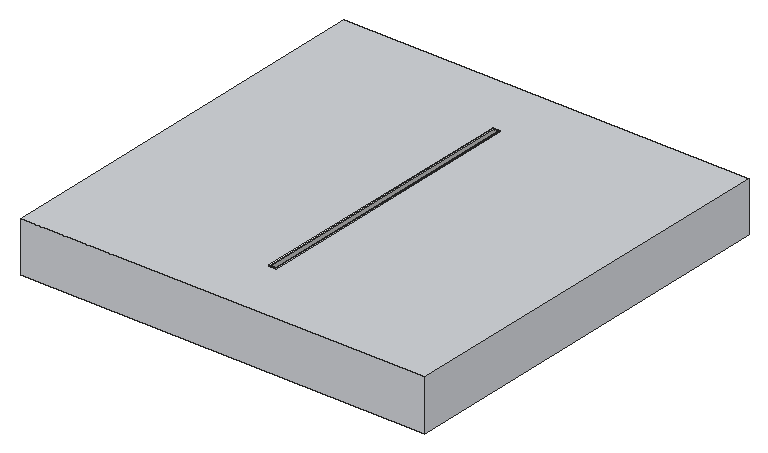
Revit family "LAMP_FIL 35 1680MM OPAL RECESSED", category Luminarias, Revit 2018
Family settings
  Anfitrión = Cara
  Cota de conector redondo = Diámetro de uso
  Tipo de pieza = Normal
  Corte con vacíos al cargar = No
  Origen de luz = Sí
  Compartido = No
  Punto de cálculo de habitación = No
Parameters (values of type "1824LM 3000K  BLACK")
  Ángulo de inclinación = -90.00°
  Weight = 4.00 kg
  Wattage = 17.1 W
  Type = "MID POWER TRIDONIC"
  built-in parameter 1150107 = 3000 (stored number, unit not read)
  Recessed dimensions = "1688x42x0"
  built-in parameter 1150110 = 1 (stored number, unit not read)
  built-in parameter 1150109 = 1 (stored number, unit not read)
  built-in parameter 1150112 = 1 (stored number, unit not read)
  built-in parameter 1150113 = 1 (stored number, unit not read)
  built-in parameter 1114218 = 1 (stored number, unit not read)
  Protection rating = "IP20 / IK07"
  Product datasheet = "http://www.lamp.es/product-files/TECH/F31RE168LOOP830NB-EN.pdf"
  Product code = "F31RE168LOOP830NB"
  Product URL = "https://www.lamp.es/en/family/fil-35_413911"
  Power Supply = "220-240V 50/60Hz"
  Power = 16 W
  Plum = 17.1 W
  Photobiological risk = ""
  NOT COVER 2 [instance] = not(END COVER 2)  # no
  NOT COVER 1 [instance] = not(END COVER 1)  # no
  built-in parameter 1150137 = (empty or 0)
  built-in parameter 1150132 = 2
  Modelo = Product code  # "F31RE168LOOP830NB"
  Model Explanation = ""
  Material suspension = LAMP_Acero genérico
  Material perfil = LAMP_Aluminio Perfil Fil NG
  Material difusor = LAMP_PC Difusor Opal Fil
  Manufacturer name = "LAMP"
  Manufacturer country = "Spain"
  Manufacturer URL = "http://www.lamp.es/en"
  MacAdam = "3"
  Longitud de línea de emisión = 1680 mm
  Last update = "04/05/2021"
  Lamp = "MID-POWER LED"
  LED Lifetime = "50.000 L90 B10"
  built-in parameter 1150105 = 720.98 (stored number, unit not read)
  built-in parameter 1150102 = (empty or 0)
  Insulation class = "I"
  Installation instructions = "https://www.lamp.es/product-files/INS/1004590-A%20INSTR.%20FIL35.pdf"
  built-in parameter 1150106 = 7.2098 (stored number, unit not read)
  IEE = "A+"
  Gear = "Electronic"
  Lumens = 1824.57 lm
  Finish = "Matte black RAL 9011"
  Color Filter = 16777215
  built-in parameter 1114217 = 1 (stored number, unit not read)
  built-in parameter 1150139 = (empty or 0)
  Fabricante = Manufacturer name  # "LAMP"
  Default Elevation = 1219.2 mm
  built-in parameter 1150104 = 9.9128 (stored number, unit not read)
  Efficacy = 106.7 lm/W
  END COVER 2 [instance] = yes
  END COVER 1 [instance] = yes
  Dimensions = "1680x45x76"
  Descripción = "FIL35 REC 1680 2400 WW OPAL BK."
  built-in parameter 1150115 = 1 (stored number, unit not read)
  built-in parameter 1150114 = 1 (stored number, unit not read)
  built-in parameter 1150138 = (empty or 0)
  built-in parameter 1150134 = 3
  Dimming Lamp Color Temperature Shift = (empty or 0)
  CRI = "80"
  Archivo de red fotométrica = "F31RE168LOOP830NB.IES"
  built-in parameter 1150133 = 10 (stored number, unit not read)
Types (12, lengths in mm): name | built-in parameter 1150107 | Product datasheet | Product code | Modelo | Material perfil | Finish | Descripción | Archivo de red fotométrica
  1824LM 3000K DALI BLACK | 3000 (stored number, unit not read) | "http://www.lamp.es/product-files/TECH/F31RE168LOOP830DB-EN.pdf" | "F31RE168LOOP830DB" | "F31RE168LOOP830DB" | LAMP_Aluminio Perfil Fil NG | "Matte black RAL 9011" | "FIL35 REC 1680 2400 WW OPAL DALI BK." | "F31RE168LOOP830nB.IES"
  1824LM 3000K DALI GREY | 3000 (stored number, unit not read) | "http://www.lamp.es/product-files/TECH/F31RE168LOOP830DG-EN.pdf" | "F31RE168LOOP830DG" | "F31RE168LOOP830DG" | LAMP_Aluminio Perfil Fil GR | "Gloss grey" | "FIL35 REC 1680 2400 WW OPAL DALI GR." | "F31RE168LOOP830nG.IES"
  1824LM 3000K DALI WHITE | 3000 (stored number, unit not read) | "http://www.lamp.es/product-files/TECH/F31RE168LOOP830DW-EN.pdf" | "F31RE168LOOP830DW" | "F31RE168LOOP830DW" | LAMP_Aluminio Perfil Fil BL | "Matte white RAL 9010" | "FIL35 REC 1680 2400 WW OPAL DALI WH." | "F31RE168LOOP830nW.IES"
  1824LM 3000K  BLACK | 3000 (stored number, unit not read) | "http://www.lamp.es/product-files/TECH/F31RE168LOOP830NB-EN.pdf" | "F31RE168LOOP830NB" | "F31RE168LOOP830NB" | LAMP_Aluminio Perfil Fil NG | "Matte black RAL 9011" | "FIL35 REC 1680 2400 WW OPAL BK." | "F31RE168LOOP830NB.IES"
  1824LM 3000K  GREY | 3000 (stored number, unit not read) | "http://www.lamp.es/product-files/TECH/F31RE168LOOP830NG-EN.pdf" | "F31RE168LOOP830NG" | "F31RE168LOOP830NG" | LAMP_Aluminio Perfil Fil GR | "Gloss grey" | "FIL35 REC 1680 2400 WW OPAL GR." | "F31RE168LOOP830NG.IES"
  1824LM 3000K  WHITE | 3000 (stored number, unit not read) | "http://www.lamp.es/product-files/TECH/F31RE168LOOP830NW-EN.pdf" | "F31RE168LOOP830NW" | "F31RE168LOOP830NW" | LAMP_Aluminio Perfil Fil BL | "Matte white RAL 9010" | "FIL35 REC 1680 2400 WW OPAL WH." | "F31RE168LOOP830NW.IES"
  1824LM 4000K DALI BLACK | 4000 (stored number, unit not read) | "http://www.lamp.es/product-files/TECH/F31RE168LOOP840DB-EN.pdf" | "F31RE168LOOP840DB" | "F31RE168LOOP840DB" | LAMP_Aluminio Perfil Fil NG | "Matte black RAL 9011" | "FIL35 REC 1680 2400 NW OPAL DALI BK." | "F31RE168LOOP840nB.IES"
  1824LM 4000K DALI GREY | 4000 (stored number, unit not read) | "http://www.lamp.es/product-files/TECH/F31RE168LOOP840DG-EN.pdf" | "F31RE168LOOP840DG" | "F31RE168LOOP840DG" | LAMP_Aluminio Perfil Fil GR | "Gloss grey" | "FIL35 REC 1680 2400 NW OPAL DALI GR." | "F31RE168LOOP840nG.IES"
  1824LM 4000K DALI WHITE | 4000 (stored number, unit not read) | "http://www.lamp.es/product-files/TECH/F31RE168LOOP840DW-EN.pdf" | "F31RE168LOOP840DW" | "F31RE168LOOP840DW" | LAMP_Aluminio Perfil Fil BL | "Matte white RAL 9010" | "FIL35 REC 1680 2400 NW OPAL DALI WH." | "F31RE168LOOP840nW.IES"
  1824LM 4000K  BLACK | 4000 (stored number, unit not read) | "http://www.lamp.es/product-files/TECH/F31RE168LOOP840NB-EN.pdf" | "F31RE168LOOP840NB" | "F31RE168LOOP840NB" | LAMP_Aluminio Perfil Fil NG | "Matte black RAL 9011" | "FIL35 REC 1680 2400 NW OPAL BK." | "F31RE168LOOP840NB.IES"
  1824LM 4000K  GREY | 4000 (stored number, unit not read) | "http://www.lamp.es/product-files/TECH/F31RE168LOOP840NG-EN.pdf" | "F31RE168LOOP840NG" | "F31RE168LOOP840NG" | LAMP_Aluminio Perfil Fil GR | "Gloss grey" | "FIL35 REC 1680 2400 NW OPAL GR." | "F31RE168LOOP840NG.IES"
  1824LM 4000K  WHITE | 4000 (stored number, unit not read) | "http://www.lamp.es/product-files/TECH/F31RE168LOOP840NW-EN.pdf" | "F31RE168LOOP840NW" | "F31RE168LOOP840NW" | LAMP_Aluminio Perfil Fil BL | "Matte white RAL 9010" | "FIL35 REC 1680 2400 NW OPAL WH." | "F31RE168LOOP840NW.IES"
Reference planes
  plane 1 "Centro (Frontal/Posterior)": y = 0
  plane 2: z = 0
  plane 3 "Centro (Izquierda/Derecha)": x = 0
Forms (mm)
  Extrusion 1, solid
    sketch origin (0, 0, 0) x (1, 0, 0) y (0, 1, 0)
      loop
        line (-1219.2, 1219.2) -> (-1219.2, -1219.2) -> (1219.2, -1219.2) -> (1219.2, 1219.2) -> (-1219.2, 1219.2)
    from 0 to -304.8
  Extrusion 2, solid, material "LAMP_Aluminio Perfil Fil NG" <- "Material perfil"
    sketch origin (0, 0, -281.8) x (1, 0, 0) y (0, 0, 1)
      loop
        line (-17.5, 281.8) -> (-17.5, 207) -> (0, 207) -> (17.5, 207) -> (17.5, 281.8) -> (22.5, 281.8) -> (22.5, 283) -> (16.5, 283) -> (16.5, 259) -> (0, 259) -> (-16.5, 259) -> (-16.5, 283) -> (-22.5, 283) -> (-22.5, 281.8) -> (-17.5, 281.8)
    from -840 to 840
  Extrusion 3, solid, material "LAMP_PC Difusor Opal Fil" <- "Material difusor"
    sketch origin (0, 0, -281.8) x (1, 0, 0) y (0, 0, 1)
      loop
        line (-16.5, 283) -> (-16.5, 281.8) -> (16.5, 281.8) -> (16.5, 283) -> (-16.5, 283)
    from -840 to 840
Text (mm)
  text "Any modification of the parameters and properties of the LAMP BIM models must be executed and validated by the LAMP technical department.\nPhone: +34 93 736 68 00\nE-mail: lamp@lamp.es\n\nLAMP reserves the right to modify the technical specifications of its products." at (3099.4, 5332.453, -2854.88), in view "Preview"
Dimensions and locks
  aligned and locked: plane 2 to Extrusion 1
  aligned and locked: level to Extrusion 1
Nested families
  nested 1: "LAMP_FIL 35 END COVER RECESSED" at (0, -841, -74.8), visible <- "END COVER 1", type "LAMP_FIL 35 END COVER RECESSED"
  nested 2: "LAMP_FIL 35 END COVER RECESSED" at (0, 841, -74.8) x (-1, 0, 0) z (0, 0, 1), visible <- "END COVER 2", type "LAMP_FIL 35 END COVER RECESSED"
Connectors
  electrical at (0, 0, -75.3)
    settings: on Extrusion 2, index 1, voltage 230 V, apparent load 0 VA, apparent load phase1 0 VA, apparent load phase2 0 VA, apparent load phase3 0 VA, power factor 1, load classification "Otro", number of poles 1, system type 31, power factor state 1, is connector primary yes, connector utility no, sub classification motor no, connector description ""
Definition of nested family "LAMP_FIL 35 END COVER RECESSED"
  Parameters (values of type "LAMP_FIL 35 END COVER RECESSED")
    Material tapa = none
  Reference planes
    plane 1 "Centro (Frontal/Posterior)": y = 0
    plane 2: z = 0
    plane 3 "Centro (Izquierda/Derecha)": x = 0
  Forms (mm)
    Extrusion 1, solid, material <- "Material tapa"
      sketch origin (0, 0, 76.8) x (0, -1, 0) y (0, 0, -1)
        loop
          line (1, 76.8) -> (-1, 76.8) -> (-1, 0.8) -> (5, 0.8) -> (5, 2) -> (1, 2) -> (1, 76.8)
      from -22.5 to 22.5
    Extrusion 2, void
      sketch origin (-5.1, 0, 0) x (1, 0, 0) y (0, 0, 1)
        loop
          line (22.6, 74.8) -> (22.6, 0) -> (27.6, 0) -> (27.6, 74.8) -> (22.6, 74.8)
      from -23.5 to 23.5
    Extrusion 3, void
      sketch origin (5.1, 0, 0) x (1, 0, 0) y (0, 0, 1)
        loop
          line (-22.6, 74.8) -> (-27.6, 74.8) -> (-27.6, 0) -> (-22.6, 0) -> (-22.6, 74.8)
      from -23.5 to 23.5
  Cuts and joins
    Extrusion 2, Extrusion 3 cuts Extrusion 1
  Dimensions and locks
    aligned and locked: level to plane 2
